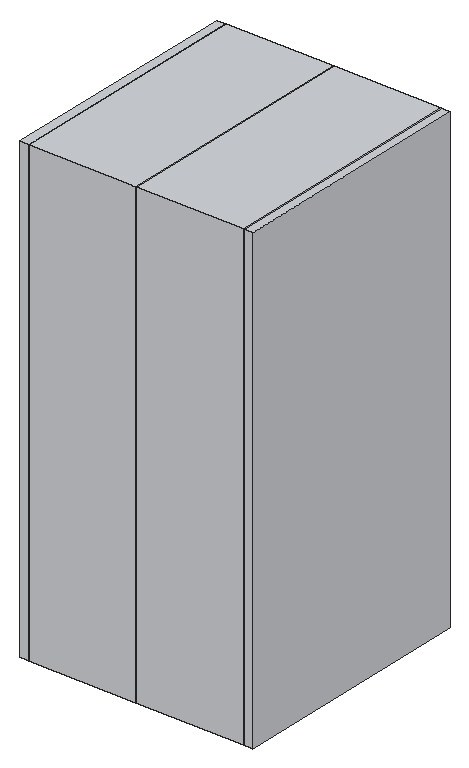
Revit family "WENGER 6-SHELF MUSIC LIBRARY SYSTEM - OVERSIZED", category Generic Models, Revit 2014
Parameters (values of type "2-UNIT")
  URL = ""
  UNIT SPACING = 1' - 7"
  Model = ""
  Manufacturer = ""
  Keynote = ""
  HEIGHT = 6' - 9 1/2"
  ECP WIDTH = 0' - 1 1/2"
  ECP SPACING = # OF UNITS * 1' 7"  # 3' - 2"
  Description = ""
  # OF UNITS = 2
Types (24): name | ECP SPACING | # OF UNITS
  2-UNIT | 3' - 2" | 2
  3-UNIT | 4' - 9" | 3
  4-UNIT | 6' - 4" | 4
  5-UNIT | 7' - 11" | 5
  6-UNIT | 9' - 6" | 6
  7-UNIT | 11' - 1" | 7
  8-UNIT | 12' - 8" | 8
  9-UNIT | 14' - 3" | 9
  10-UNIT | 15' - 10" | 10
  11-UNIT | 17' - 5" | 11
  12-UNIT | 19' - 0" | 12
  13-UNIT | 20' - 7" | 13
  14-UNIT | 22' - 2" | 14
  15-UNIT | 23' - 9" | 15
  16-UNIT | 25' - 4" | 16
  17-UNIT | 26' - 11" | 17
  18-UNIT | 28' - 6" | 18
  19-UNIT | 30' - 1" | 19
  20-UNIT | 31' - 8" | 20
  21-UNIT | 33' - 3" | 21
  22-UNIT | 34' - 10" | 22
  23-UNIT | 36' - 5" | 23
  24-UNIT | 38' - 0" | 24
  25-UNIT | 39' - 7" | 25
Reference planes (in)
  plane 1 "Center (Front/Back)": y = 0
  plane 2: z = 0
  plane 3 "Center (Left/Right)": x = 0
  plane 4 "BACK": y = 21.75
  plane 5 "FRONT": y = -21.75
  plane 6 "LEFT ECP INSIDE": x = -19
  plane 7 "LEFT ECP OUTSIDE": x = -20.5
  plane 8 "RIGHT ECP INSIDE": x = 19
  plane 9 "RIGHT ECP OUTSIDE": x = 20.5
  plane 10: z = 81.5
Forms (in)
  Extrusion 1, solid
    sketch origin (0, 0, 0) x (1, 0, 0) y (0, 1, 0)
      loop
        line (-20.5, 21.75) -> (-20.5, -21.75) -> (-19, -21.75) -> (-19, 21.75) -> (-20.5, 21.75)
      loop
        line (19, 21.75) -> (19, -21.75) -> (20.5, -21.75) -> (20.5, 21.75) -> (19, 21.75)
    from 0 to 81.5
Dimensions and locks (in)
  "ECP WIDTH": plane 7 "LEFT ECP OUTSIDE" to plane 6 "LEFT ECP INSIDE"
  "ECP WIDTH": plane 8 "RIGHT ECP INSIDE" to plane 9 "RIGHT ECP OUTSIDE"
  equal spacing: plane 6 "LEFT ECP INSIDE", plane 3 "Center (Left/Right)", plane 8 "RIGHT ECP INSIDE"
  "ECP SPACING": plane 6 "LEFT ECP INSIDE" to plane 8 "RIGHT ECP INSIDE"
  equal spacing: plane 4 "BACK", plane 1 "Center (Front/Back)", plane 5 "FRONT", locked at 21.75 each
  locked: plane 4 "BACK" to plane 5 "FRONT" at 43.5
  "HEIGHT": plane 10 to plane 2
  group 1 to group 2 = 1' - 7"
  group 1 to group 2 = 0' - 0"  (x2)
  "UNIT SPACING": nested 1 to nested 2
  aligned and locked: plane 2 to level
  aligned and locked: Extrusion 1 sketch curve to plane 4 "BACK"  (x2)
  aligned and locked: plane 7 "LEFT ECP OUTSIDE" to Extrusion 1 sketch curve
  aligned and locked: plane 5 "FRONT" to Extrusion 1 sketch curve  (x2)
  aligned and locked: Extrusion 1 sketch curve to plane 6 "LEFT ECP INSIDE"
  aligned and locked: plane 8 "RIGHT ECP INSIDE" to Extrusion 1 sketch curve
  aligned and locked: Extrusion 1 sketch curve to plane 9 "RIGHT ECP OUTSIDE"
  aligned and locked: Extrusion 1 to plane 2
  aligned and locked: plane 4 "BACK" to nested 1
  aligned and locked: plane 5 "FRONT" to nested 1
  aligned and locked: plane 6 "LEFT ECP INSIDE" to nested 1
  aligned and locked: plane 10 to Extrusion 1
Nested families (in)
  nested 1: "6-SHELF, 1-UNIT" at (-9.5, 0, 0), type "6-SHELF, 1-UNIT"
    with UNIT WIDTH 1' - 7"
  nested 2: "6-SHELF, 1-UNIT" at (9.5, 0, 0), type "6-SHELF, 1-UNIT"
    with UNIT WIDTH 1' - 7"
Definition of nested family "6-SHELF, 1-UNIT"
  Parameters (values of type "OVERSIZED WIDTH")
    UNIT WIDTH [instance] = 1' - 7"
    HEIGHT = 6' - 9 1/2"
    Cabinet Label = Labels : 7-SHELF
  Types (3): name | UNIT WIDTH
    (no name) | 1' - 7"
    STANDARD WIDTH | 1' - 4"
    OVERSIZED WIDTH | 1' - 7"
  Reference planes (in)
    plane 1 "Center (Front/Back)": y = 0
    plane 2 "BOTTOM": z = 0
    plane 3 "Center (Left/Right)": x = 0
    plane 4 "RIGHT": x = 9.5
    plane 5 "LEFT": x = -9.5
    plane 6 "BACK": y = 21.75
    plane 7 "FRONT": y = -21.75
    plane 8 "OPEN POSITION": y = -58.24743
    plane 9 "TOP": z = 81.5
    plane 10: x = -3.5
    plane 11: x = 3.5
    plane 12 "FRONT DETAIL 1": z = 54
    plane 13 "FRONT DETAIL 2": z = 52.5
    plane 14 "FRONT DETAIL 3": z = 46
    plane 15: x = -1.5
    plane 16: x = 1.5
  Forms (in)
    Extrusion 1, solid
      sketch origin (0, 0, 0) x (1, 0, 0) y (0, 1, 0)
        loop
          line (-9.5, 21.75) -> (-9.5, -21.75) -> (9.5, -21.75) -> (9.5, 21.75) -> (-9.5, 21.75)
      from 0 to 81.5
  Lines and regions (in)
    model lines, style "GenericModelHiddenLines"
      curve 1: line (-9.5, -21.75, 0) -> (-9.5, -58.24743, 0)
      curve 2: line (-9.5, -58.24743, 0) -> (9.5, -58.24743, 0)
      curve 3: line (9.5, -58.24743, 0) -> (9.5, -21.75, 0)
    model lines, style "GenericModel"
      curve 4: line (-1.5, -21.75, 54) -> (1.5, -21.75, 54)
      curve 5: line (1.5, -21.75, 54) -> (1.5, -21.75, 52.5)
      curve 6: line (1.5, -21.75, 52.5) -> (-1.5, -21.75, 52.5)
      curve 7: line (-1.5, -21.75, 52.5) -> (-1.5, -21.75, 54)
      curve 8: line (-3.5, -21.75, 46) -> (3.5, -21.75, 46)
  Dimensions and locks (in)
    equal spacing: plane 5 "LEFT", plane 3 "Center (Left/Right)", plane 4 "RIGHT"
    "UNIT WIDTH": plane 5 "LEFT" to plane 4 "RIGHT"
    equal spacing: plane 6 "BACK", plane 1 "Center (Front/Back)", plane 7 "FRONT"
    plane 6 "BACK" to plane 7 "FRONT" to plane 8 "OPEN POSITION" = 3' - 7 1/2" locked, 3' - 0.49743" locked
    "HEIGHT": plane 2 "BOTTOM" to plane 9 "TOP"
    plane 12 "FRONT DETAIL 1" to plane 13 "FRONT DETAIL 2" to plane 14 "FRONT DETAIL 3" to plane 2 "BOTTOM" = 0' - 1 1/2" locked, 0' - 6 1/2" locked, 3' - 10" locked
    locked: plane 15 to plane 10 at 2
    locked: plane 16 to plane 11 at 2
    locked: plane 16 to plane 15 at 3
    equal spacing: plane 16, plane 3 "Center (Left/Right)", plane 15, locked at 1.5 each
    aligned and locked: plane 2 "BOTTOM" to level
    aligned and locked: Extrusion 1 sketch curve to plane 6 "BACK"
    aligned and locked: plane 5 "LEFT" to Extrusion 1 sketch curve
    aligned and locked: plane 7 "FRONT" to Extrusion 1 sketch curve
    aligned and locked: Extrusion 1 sketch curve to plane 4 "RIGHT"
    aligned and locked: Extrusion 1 to plane 2 "BOTTOM"
    aligned and locked: Extrusion 1 to plane 9 "TOP"
    aligned and locked: curve 1 to plane 5 "LEFT"
    aligned and locked: curve 2 to plane 8 "OPEN POSITION"
    aligned and locked: plane 4 "RIGHT" to curve 3
    aligned and locked: curve 8 to plane 14 "FRONT DETAIL 3"
    aligned and locked: plane 11 to curve 8
    aligned and locked: plane 10 to curve 8
    aligned and locked: plane 15 to curve 7
    aligned and locked: curve 5 to plane 16
    aligned and locked: curve 4 to plane 12 "FRONT DETAIL 1"
    aligned and locked: plane 13 "FRONT DETAIL 2" to curve 6
  Automatic sketch dimensions
    curve 3 to plane 7 "FRONT" = 0' - 0"
    curve 1 to plane 7 "FRONT" = 0' - 0"
  Nested families (in)
    nested 1: "Labels" at (0, 0, 0) x (0, 1, 0) z (0, 0, 1), type <- "Cabinet Label", type "7-SHELF"
  Definition of nested family "Labels"
    Parameters (values of type "6-SHELF")
      Cabinet Label = "6-SHELF"
    Types (2): name | Cabinet Label
      6-SHELF | "6-SHELF"
      7-SHELF | "7-SHELF"
    Reference planes (in)
      plane 1: y = 0
      plane 2: x = 0
    Text (in)
      label "xxxx" at (-0.00018, 0.00754, 0), shows "Cabinet Label"
